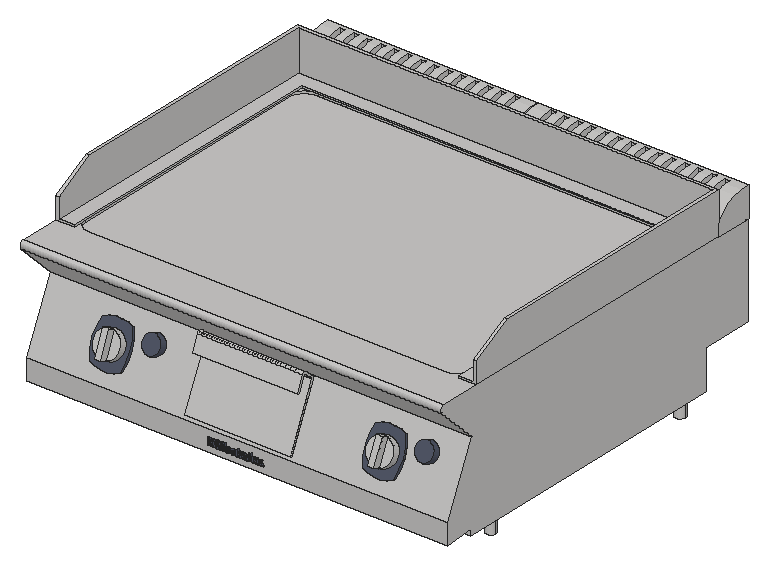
Revit family "QF_ELECTROLUXPROFESSIONAL_Professional_371330_E7IIKAAOMEA", category Specialty Equipment, Revit 2018
Family settings
  Round Connector Dimension = Use Diameter
  Part Type = Normal
  Work Plane-Based = No
  Always vertical = Yes
  Cut with Voids When Loaded = No
  Shared = No
  Room Calculation Point = No
Parameters
  Width = 800.1 mm  # constant formula
  Weight in Pounds = 198  # constant formula
  Watts = 0 W
  URL Cutsheet = "www.electrolux.com/foodservice"
  URL = "www.electrolux.com/foodservice"
  Type Mark [instance] = ""
  Status [instance] = ""
  Specification by User [instance] = ""
  Specification by Manufacturer = ""
  Show Logo [instance] = yes
  Show Clearance [instance] = yes
  Serial Number = ""
  Seismic Rating = ""
  SMACNA No = ""
  Revision Code [instance] = ""
  Omniclass Number and Title = ""
  NAFEM Spec ID Number = ""
  Model = "371031"
  Mechanical Remarks = ""
  Mechanical Connection Type = ""
  Masterspec = ""
  Manufacturer = "ELECTROLUX"
  Item Number [instance] = ""
  Installed By [instance] = ""
  Identify Quantity as Lot [instance] = yes
  Height = 355 mm  # constant formula
  HP = "0 HP"
  Gas Size = 12.7 mm  # 1/2"
  Gas RI Height [instance] = 0 mm
  Gas KW = 14  # constant formula
  Gas Input [instance] = 13987.1 VA  # 47726.0 Btu/h
  Gas Connection Height = 0 mm
  Furnished By [instance] = ""
  Foodservice Equipment Identifier [instance] = yes
  Direct Waste Size = 0"
  Description = "700XP Full Module Gas Fry Top, Smotth Plate, Mild Steel"
  Depth = 730.25 mm  # constant formula
  CSI MasterFormat = ""
  CSI Master Format = ""
  Base Height [instance] = 23.813 mm  # constant formula
  Assembly Code = ""
Reference planes
  plane 1 "BACK": y = 0
  plane 2: z = 0
  plane 3 "LEFT": x = 0
  plane 4 "RIGHT": x = 800.1
  plane 5 "FRONT": y = -730.25
  plane 6 "TOP": z = 288.925
  plane 7 "Center Y": x = 400.05
  plane 8 "Center X": y = -365.125
  plane 9 "BASE": z = 23.813
  plane 10 "TOP A": z = 274.638
  plane 11: y = -597.884
  plane 12: y = -147.637
  plane 13: z = 355
Forms (mm)
  Extrusion 1, solid, material "QF_Finishes_Stainless Steel"
    sketch origin (0, 0, 0) x (0, 1, 0) y (0, 0, 1)
      loop
        line (0, 274.638) -> (-722.777, 274.638)
        arc (-722.777, 274.638) -> (-729.6, 270.078) -> (-727.999, 262.03) r 7.386
        line (-727.999, 262.03) -> (-657.416, 191.447) -> (-713.772, 69.003) -> (-713.772, 30.903) -> (-660.4, 36.513) -> (-660.4, 23.812) -> (-101.6, 23.812) -> (-101.6, 98.425) -> (0, 98.425) -> (0, 274.638)
    from 0 to 800.1
  Extrusion 2, void
    sketch origin (0, -2.381, 274.638) x (-1, 0, 0) y (0, -1, 0)
      loop
        arc (-60.425, 102.504) -> (-42.464, 109.943) -> (-35.025, 127.904) r 25.4
        line (-35.025, 127.904) -> (-35.025, 617.104)
        arc (-35.025, 617.104) -> (-42.464, 635.064) -> (-60.425, 642.504) r 25.4
        line (-60.425, 642.504) -> (-739.675, 642.504)
        arc (-739.675, 642.504) -> (-757.636, 635.064) -> (-765.075, 617.104) r 25.4
        line (-765.075, 617.104) -> (-765.075, 127.904)
        arc (-765.075, 127.904) -> (-757.636, 109.943) -> (-739.675, 102.504) r 25.4
        line (-739.675, 102.504) -> (-60.425, 102.504)
    from 0 to -3.2
  Extrusion 3, solid, material "QF_Finishes_Stainless Steel"
    sketch origin (0, 0, 0) x (1, 0, 0) y (0, 1, 0)
      loop
        circle (11.112, -147.638) r 9.525
      loop
        circle (11.112, -597.884) r 9.525
      loop
        circle (788.987, -147.638) r 9.525
      loop
        circle (788.987, -597.884) r 9.525
    from 0 to 23.813
  Extrusion 4, solid, material "QF_Finishes_Stainless Steel"
    sketch origin (0, -101.6, 101.6) x (0, 0, -1) y (-1, 0, 0)
      loop
        circle (43.882, -749.3) r 6.35
    from 0 to 3.175
  Extrusion 5, solid, material "QF_Finishes_Clearance", visible <- "Show Clearance", detail levels coarse
    sketch origin (0, 0, 0) x (1, 0, 0) y (0, 1, 0)
      loop
        line (0, -730.25) -> (0, 0) -> (800.1, 0) -> (800.1, -730.25) -> (950.119, -730.25) -> (950.119, 150.019) -> (-150.019, 150.019) -> (-150.019, -730.25) -> (0, -730.25)
    from 0 to 355
  Sweep 6, solid, material "QF_Finishes_Stainless Steel"
    path origin (0, -2.381, 274.638) x (-1, 0, 0) y (0, -1, 0)
      loop
        line (-765.075, 642.504) -> (-765.075, 102.504) -> (-35.025, 102.504) -> (-35.025, 642.504)
    profile origin (35.025, -374.885, 274.638) x (1, 0, 0) y (0, 0, 1)
      loop
        line (-35.025, 0) -> (0, 0) -> (0, 3.175) -> (-28.675, 3.175) -> (-28.675, 80.363) -> (-35.025, 80.362) -> (-35.025, 0)
  Extrusion 7, void
    sketch origin (0, -69.86, 274.638) x (0, 1, 0) y (0, 0, 1)
      loop
        line (-575.025, 40.481) -> (-501.995, 80.363) -> (-575.025, 80.363) -> (-575.025, 40.481)
    from 0 to 6.35
  Extrusion 8, void
    sketch origin (800.1, -644.885, 274.638) x (0, -1, 0) y (0, 0, 1)
      loop
        line (0, 40.481) -> (0, 80.362) -> (-73.03, 80.362) -> (0, 40.481)
    from 0 to 6.35
  Extrusion 9, solid, material "QF_Finishes_Stainless Steel"
    sketch origin (400.05, 175.397, 1219.2) x (0, 1, 0) y (0, 0, 1)
      loop
        line (-834.228, -1030.828) -> (-850.635, -1014.422)
        arc (-850.635, -1014.422) -> (-855.102, -1013.019) -> (-858.806, -1015.884) r 5.058
        line (-858.806, -1015.884) -> (-871.468, -1043.394) -> (-868.584, -1044.721) -> (-855.922, -1017.211)
        arc (-855.922, -1017.211) -> (-854.543, -1016.145) -> (-852.88, -1016.667) r 1.883
        line (-852.88, -1016.667) -> (-838.037, -1031.51) -> (-888.871, -1141.955) -> (-885.987, -1143.282) -> (-834.228, -1030.828)
    from 100 to -100
  Extrusion 10, solid, material "QF_Finishes_Drawer Clearance", visible <- "Show Clearance", detail levels coarse
    sketch origin (293.7, -101.6, 0) x (0, 1, 0) y (0, 0, 1)
      loop
        line (-660.751, 174.479) -> (-648.089, 201.989)
        arc (-648.089, 201.989) -> (-646.71, 203.055) -> (-645.046, 202.533) r 1.883
        line (-645.046, 202.533) -> (-630.204, 187.69) -> (-681.037, 77.245) -> (-678.153, 75.918) -> (-608.989, 75.918) -> (-557.231, 188.372) -> (-573.638, 204.778)
        arc (-573.638, 204.778) -> (-574.873, 205.685) -> (-576.323, 206.181) r 5.058
        line (-576.323, 206.181) -> (-647.269, 206.181)
        arc (-647.269, 206.181) -> (-649.472, 205.203) -> (-650.973, 203.316) r 5.058
        line (-650.973, 203.316) -> (-663.635, 175.806) -> (-660.751, 174.479)
    from 6.35 to 206.35
  Extrusion 11, solid, material "QF_Finishes_Navy Blue"
    sketch origin (-399.27, -713.772, 69.003) x (0, 0.418102, 0.9084) y (-1, 0, 0)
      loop
        arc (102.623, -510.47) -> (67.041, -502.846) -> (31.333, -509.853) r 90.5
        arc (31.333, -509.853) -> (24.507, -539.04) -> (31.333, -568.228) r 65.817
        arc (31.333, -568.228) -> (67.04, -575.188) -> (102.623, -567.615) r 91.066
        arc (102.623, -567.615) -> (109.179, -539.043) -> (102.623, -510.47) r 65.546
    from 0 to 3.175
  Extrusion 12, solid, material "QF_Finishes_Stainless Steel"
    sketch origin (-20.52, -717.485, 68.529) x (0, 0.418102, 0.9084) y (-1, 0, 0)
      loop
        circle (68.826, -160.963) r 25.4
    from 0 to 12.7
  Extrusion 13, solid, material "QF_Finishes_Stainless Steel"
    sketch origin (-20.52, -729.022, 73.839) x (0, 0.418102, 0.9084) y (-1, 0, 0)
      loop
        arc (93.558, -166.749) -> (94.226, -160.963) -> (93.558, -155.177) r 25.4
        line (93.558, -155.177) -> (44.094, -155.177)
        arc (44.094, -155.177) -> (43.426, -160.963) -> (44.094, -166.749) r 25.4
        line (44.094, -166.749) -> (93.558, -166.749)
    from 0 to 12.7
  Extrusion 14, solid, material "QF_Finishes_Navy Blue"
    sketch origin (97.744, -713.772, 69.003) x (0, 0.418102, 0.9084) y (-1, 0, 0)
      loop
        arc (102.623, -532.67) -> (67.041, -525.046) -> (31.333, -532.053) r 90.5
        arc (31.333, -532.053) -> (24.507, -561.24) -> (31.333, -590.428) r 65.817
        arc (31.333, -590.428) -> (67.04, -597.388) -> (102.623, -589.815) r 91.066
        arc (102.623, -589.815) -> (109.179, -561.243) -> (102.623, -532.67) r 65.546
    from 0 to 3.175
  Extrusion 15, solid, material "QF_Finishes_Stainless Steel"
    sketch origin (498.994, -717.485, 68.529) x (0, 0.418102, 0.9084) y (-1, 0, 0)
      loop
        circle (68.826, -160.963) r 25.4
    from 0 to 12.7
  Extrusion 16, solid, material "QF_Finishes_Stainless Steel"
    sketch origin (498.994, -729.022, 73.839) x (0, 0.418102, 0.9084) y (-1, 0, 0)
      loop
        arc (93.558, -166.749) -> (94.226, -160.963) -> (93.558, -155.177) r 25.4
        line (93.558, -155.177) -> (44.094, -155.177)
        arc (44.094, -155.177) -> (43.426, -160.963) -> (44.094, -166.749) r 25.4
        line (44.094, -166.749) -> (93.558, -166.749)
    from 0 to 12.7
  Extrusion 17, solid, material "QF_Finishes_Navy Blue"
    sketch origin (-100, -703.319, 91.713) x (0, 0.418102, 0.9084) y (-1, 0, 0)
      loop
        circle (65.471, -315.169) r 17.78
    from 0 to 12.7
  Extrusion 18, solid, material "QF_Finishes_Navy Blue"
    sketch origin (397.014, -703.319, 91.713) x (0, 0.418102, 0.9084) y (-1, 0, 0)
      loop
        circle (65.471, -337.369) r 17.78
    from 0 to 12.7
  Extrusion 19, solid, material "QF_Finishes_Stainless Steel"
    sketch origin (0, 0, 0) x (0, 1, 0) y (0, 0, 1)
      loop
        line (0, 274.638) -> (0, 331.738)
        arc (0, 331.738) -> (-38.857, 324.552) -> (-69.85, 300.038) r 82.056
        line (-69.85, 300.038) -> (-69.85, 274.638) -> (0, 274.638)
    from 0 to 400.05
  Extrusion 20, void
    sketch origin (0, 0, 274.638) x (0, -1, 0) y (1, 0, 0)
      loop
        line (6.761, 29.703) -> (63.911, 29.703) -> (63.911, 38.999) -> (6.761, 38.999) -> (6.761, 29.703)
      loop
        line (63.911, 64.487) -> (6.761, 64.487) -> (6.761, 55.191) -> (63.911, 55.191) -> (63.911, 64.487)
      loop
        line (63.911, 89.975) -> (6.761, 89.975) -> (6.761, 80.68) -> (63.911, 80.68) -> (63.911, 89.975)
      loop
        line (63.911, 115.464) -> (6.761, 115.464) -> (6.761, 106.168) -> (63.911, 106.168) -> (63.911, 115.464)
      loop
        line (63.911, 140.952) -> (6.761, 140.952) -> (6.761, 131.656) -> (63.911, 131.656) -> (63.911, 140.952)
      loop
        line (63.911, 166.44) -> (6.761, 166.44) -> (6.761, 157.145) -> (63.911, 157.145) -> (63.911, 166.44)
      loop
        line (63.911, 191.929) -> (6.761, 191.929) -> (6.761, 182.633) -> (63.911, 182.633) -> (63.911, 191.929)
      loop
        line (63.911, 217.417) -> (6.761, 217.417) -> (6.761, 208.121) -> (63.911, 208.121) -> (63.911, 217.417)
      loop
        line (63.911, 242.905) -> (6.761, 242.905) -> (6.761, 233.61) -> (63.911, 233.61) -> (63.911, 242.905)
      loop
        line (63.911, 268.394) -> (6.761, 268.394) -> (6.761, 259.098) -> (63.911, 259.098) -> (63.911, 268.394)
      loop
        line (63.911, 293.882) -> (6.761, 293.882) -> (6.761, 284.586) -> (63.911, 284.586) -> (63.911, 293.882)
      loop
        line (63.911, 319.37) -> (6.761, 319.37) -> (6.761, 310.075) -> (63.911, 310.075) -> (63.911, 319.37)
      loop
        line (63.911, 344.859) -> (6.761, 344.859) -> (6.761, 335.563) -> (63.911, 335.563) -> (63.911, 344.859)
      loop
        line (63.911, 370.347) -> (6.761, 370.347) -> (6.761, 361.051) -> (63.911, 361.051) -> (63.911, 370.347)
    from 25.4 to 63.5
  Extrusion 21, solid, material "QF_Finishes_Stainless Steel"
    sketch origin (400.05, 0, 0) x (0, 1, 0) y (0, 0, 1)
      loop
        line (0, 274.638) -> (0, 331.738)
        arc (0, 331.738) -> (-38.857, 324.552) -> (-69.85, 300.038) r 82.056
        line (-69.85, 300.038) -> (-69.85, 274.638) -> (0, 274.638)
    from 0 to 400.05
  Extrusion 22, void
    sketch origin (400.05, 0, 274.638) x (0, -1, 0) y (1, 0, 0)
      loop
        line (6.761, 29.703) -> (63.911, 29.703) -> (63.911, 38.999) -> (6.761, 38.999) -> (6.761, 29.703)
      loop
        line (63.911, 64.487) -> (6.761, 64.487) -> (6.761, 55.191) -> (63.911, 55.191) -> (63.911, 64.487)
      loop
        line (63.911, 89.975) -> (6.761, 89.975) -> (6.761, 80.68) -> (63.911, 80.68) -> (63.911, 89.975)
      loop
        line (63.911, 115.464) -> (6.761, 115.464) -> (6.761, 106.168) -> (63.911, 106.168) -> (63.911, 115.464)
      loop
        line (63.911, 140.952) -> (6.761, 140.952) -> (6.761, 131.656) -> (63.911, 131.656) -> (63.911, 140.952)
      loop
        line (63.911, 166.44) -> (6.761, 166.44) -> (6.761, 157.145) -> (63.911, 157.145) -> (63.911, 166.44)
      loop
        line (63.911, 191.929) -> (6.761, 191.929) -> (6.761, 182.633) -> (63.911, 182.633) -> (63.911, 191.929)
      loop
        line (63.911, 217.417) -> (6.761, 217.417) -> (6.761, 208.121) -> (63.911, 208.121) -> (63.911, 217.417)
      loop
        line (63.911, 242.905) -> (6.761, 242.905) -> (6.761, 233.61) -> (63.911, 233.61) -> (63.911, 242.905)
      loop
        line (63.911, 268.394) -> (6.761, 268.394) -> (6.761, 259.098) -> (63.911, 259.098) -> (63.911, 268.394)
      loop
        line (63.911, 293.882) -> (6.761, 293.882) -> (6.761, 284.586) -> (63.911, 284.586) -> (63.911, 293.882)
      loop
        line (63.911, 319.37) -> (6.761, 319.37) -> (6.761, 310.075) -> (63.911, 310.075) -> (63.911, 319.37)
      loop
        line (63.911, 344.859) -> (6.761, 344.859) -> (6.761, 335.563) -> (63.911, 335.563) -> (63.911, 344.859)
      loop
        line (63.911, 370.347) -> (6.761, 370.347) -> (6.761, 361.051) -> (63.911, 361.051) -> (63.911, 370.347)
    from 25.4 to 63.5
  Extrusion 23, solid, material "QF_Finishes_Navy Blue", visible <- "Show Logo"
    sketch origin (57.669, -713.772, 35.665) x (0, 0, 1) y (-1, 0, 0)
      loop
        line (20.674, -296.698) -> (8.307, -296.698)
        arc (8.307, -296.698) -> (14.491, -301.27) -> (20.674, -296.698) r 6.467
      loop
        arc (20.674, -296.069) -> (19.505, -290.926) -> (14.849, -288.448) r 6.338
        line (14.849, -288.448) -> (14.849, -290.494)
        arc (14.849, -290.494) -> (16.333, -294.149) -> (19.778, -296.069) r 5.941
        line (19.778, -296.069) -> (20.674, -296.069)
      loop
        arc (9.203, -296.069) -> (12.648, -294.149) -> (14.132, -290.494) r 5.941
        line (14.132, -290.494) -> (14.132, -288.448)
        arc (14.132, -288.448) -> (9.438, -290.922) -> (8.148, -296.069) r 6.504
        line (8.148, -296.069) -> (9.203, -296.069)
      loop
        line (21.349, -287.979) -> (7.604, -287.979) -> (7.604, -301.742) -> (21.349, -301.742) -> (21.349, -287.979)
      loop
        arc (21.432, -304.71) -> (21.085, -304.352) -> (20.718, -304.69) r 0.358
        arc (20.718, -304.69) -> (20.404, -305.44) -> (19.687, -305.825) r 1.216
        line (19.687, -305.825) -> (9.274, -305.825)
        arc (9.274, -305.825) -> (8.614, -305.548) -> (8.218, -304.951) r 1.238
        arc (8.218, -304.951) -> (7.823, -304.7) -> (7.518, -305.054) r 0.358
        line (7.518, -305.054) -> (7.518, -314.933) -> (10.269, -314.933) -> (10.269, -314.036)
        arc (10.269, -314.036) -> (9.36, -313.456) -> (8.904, -312.479) r 1.928
        line (8.904, -312.479) -> (8.904, -309.98)
        arc (8.904, -309.98) -> (9.18, -309.251) -> (9.868, -308.887) r 1.101
        line (9.868, -308.887) -> (13.955, -308.887) -> (13.955, -312.561)
        arc (13.955, -312.561) -> (13.602, -313.058) -> (13.037, -313.286) r 1.083
        arc (13.037, -313.286) -> (12.773, -313.591) -> (13.065, -313.869) r 0.292
        line (13.065, -313.869) -> (16.028, -313.869)
        arc (16.028, -313.869) -> (16.33, -313.596) -> (16.092, -313.266) r 0.305
        arc (16.092, -313.266) -> (15.601, -313.018) -> (15.296, -312.561) r 1.083
        line (15.296, -312.561) -> (15.296, -308.887) -> (19.973, -308.887) -> (19.973, -312.635)
        arc (19.973, -312.635) -> (19.759, -313.39) -> (19.153, -313.888) r 1.314
        arc (19.153, -313.888) -> (18.934, -314.292) -> (19.288, -314.585) r 0.361
        line (19.288, -314.585) -> (21.432, -314.585) -> (21.432, -304.71)
      loop
        arc (20.715, -315.365) -> (20.335, -316.284) -> (19.416, -316.664) r 1.299
        line (19.416, -316.664) -> (9.837, -316.664)
        arc (9.837, -316.664) -> (8.999, -316.286) -> (8.728, -315.408) r 1.118
        line (8.728, -315.408) -> (7.518, -315.408) -> (7.518, -320.758) -> (8.706, -320.758)
        arc (8.706, -320.758) -> (8.978, -319.841) -> (9.848, -319.445) r 1.153
        line (9.848, -319.445) -> (21.92, -319.445) -> (20.715, -315.365)
      loop
        line (12.483, -323.394) -> (12.483, -329.842) -> (13.282, -329.842)
        arc (13.282, -329.842) -> (15.862, -328.857) -> (17.131, -326.404) r 3.874
        line (17.131, -326.404) -> (17.131, -324.643)
        arc (17.131, -324.643) -> (15.944, -321.778) -> (13.08, -320.592) r 4.051
        line (13.08, -320.592) -> (11.072, -320.592)
        arc (11.072, -320.592) -> (8.253, -322.077) -> (7.202, -325.084) r 4.352
        arc (7.202, -325.084) -> (7.566, -327.547) -> (8.943, -329.621) r 5.713
        line (8.943, -329.621) -> (9.892, -329.621)
        arc (9.892, -329.621) -> (9.16, -328.052) -> (8.943, -326.334) r 5.579
        arc (8.943, -326.334) -> (9.737, -324.371) -> (11.616, -323.394) r 3.057
        line (11.616, -323.394) -> (12.483, -323.394)
      loop
        line (13.742, -323.394) -> (13.742, -326.977)
        arc (13.742, -326.977) -> (15.199, -327.024) -> (16.082, -325.864) r 1.59
        line (16.082, -325.864) -> (16.082, -325.034)
        arc (16.082, -325.034) -> (15.217, -323.779) -> (13.742, -323.394) r 2.184
      loop
        arc (16.533, -339.259) -> (17.022, -337.585) -> (17.179, -335.848) r 9.023
        line (17.179, -335.848) -> (17.179, -334.486)
        arc (17.179, -334.486) -> (16.02, -331.686) -> (13.22, -330.527) r 3.959
        line (13.22, -330.527) -> (10.62, -330.527)
        arc (10.62, -330.527) -> (8.338, -331.819) -> (7.221, -334.192) r 4.331
        line (7.221, -334.192) -> (7.221, -336.327)
        arc (7.221, -336.327) -> (7.729, -337.877) -> (8.651, -339.223) r 5.772
        arc (8.651, -339.223) -> (9.412, -339.274) -> (9.499, -338.515) r 0.553
        arc (9.499, -338.515) -> (9.111, -337.781) -> (8.977, -336.962) r 2.573
        line (8.977, -336.962) -> (8.977, -335.447)
        arc (8.977, -335.447) -> (9.983, -333.806) -> (11.798, -333.163) r 2.884
        line (11.798, -333.163) -> (13.077, -333.163)
        arc (13.077, -333.163) -> (14.898, -333.723) -> (15.824, -335.388) r 2.554
        line (15.824, -335.388) -> (15.824, -336.441)
        arc (15.824, -336.441) -> (15.493, -337.369) -> (14.836, -338.104) r 2.564
        arc (14.836, -338.104) -> (14.614, -338.821) -> (15.223, -339.259) r 0.643
        line (15.223, -339.259) -> (16.533, -339.259)
      loop
        line (15.515, -339.53) -> (15.515, -341.031) -> (9.467, -341.031)
        arc (9.467, -341.031) -> (7.879, -341.688) -> (7.221, -343.276) r 2.246
        line (7.221, -343.276) -> (7.221, -344.86)
        arc (7.221, -344.86) -> (7.535, -345.725) -> (8.035, -346.496) r 4.06
        arc (8.035, -346.496) -> (8.768, -346.629) -> (9.019, -345.928) r 0.576
        arc (9.019, -345.928) -> (8.913, -345.403) -> (8.977, -344.87) r 1.69
        arc (8.977, -344.87) -> (9.519, -344.082) -> (10.425, -343.779) r 1.506
        line (10.425, -343.779) -> (15.563, -343.779) -> (15.563, -346.176) -> (16.119, -346.733) -> (16.941, -346.733) -> (16.941, -343.873) -> (20.172, -343.873) -> (15.515, -339.53)
      loop
        line (7.438, -347.63) -> (7.438, -353.017) -> (8.548, -353.017)
        arc (8.548, -353.017) -> (8.942, -352.066) -> (9.893, -351.672) r 1.345
        line (9.893, -351.672) -> (13.509, -351.672)
        arc (13.509, -351.672) -> (14.274, -352.264) -> (14.564, -353.186) r 1.615
        line (14.564, -353.186) -> (14.564, -354.742) -> (17.119, -355.427) -> (17.119, -354.044) -> (15.177, -351.485) -> (17.057, -351.485) -> (16.773, -348.779)
        arc (16.773, -348.779) -> (16.333, -348.249) -> (15.674, -348.45) r 0.621
        arc (15.674, -348.45) -> (15.274, -348.792) -> (14.78, -348.975) r 1.501
        line (14.78, -348.975) -> (9.893, -348.975)
        arc (9.893, -348.975) -> (8.942, -348.581) -> (8.548, -347.63) r 1.345
        line (8.548, -347.63) -> (7.438, -347.63)
      loop
        line (13.54, -354.964) -> (10.848, -354.964)
        arc (10.848, -354.964) -> (8.403, -356.272) -> (7.269, -358.803) r 4.288
        arc (7.269, -358.803) -> (7.205, -360.183) -> (7.269, -361.563) r 15.022
        arc (7.269, -361.563) -> (8.403, -364.094) -> (10.848, -365.401) r 4.288
        line (10.848, -365.401) -> (13.54, -365.401)
        arc (13.54, -365.401) -> (15.986, -364.094) -> (17.119, -361.563) r 4.288
        arc (17.119, -361.563) -> (17.183, -360.183) -> (17.119, -358.803) r 15.022
        arc (17.119, -358.803) -> (15.986, -356.272) -> (13.54, -354.964) r 4.288
      loop
        line (13.745, -358.078) -> (10.643, -358.078)
        arc (10.643, -358.078) -> (8.486, -360.235) -> (10.643, -362.392) r 2.157
        line (10.643, -362.392) -> (13.745, -362.392)
        arc (13.745, -362.392) -> (15.902, -360.235) -> (13.745, -358.078) r 2.157
      loop
        arc (20.726, -365.26) -> (20.355, -366.154) -> (19.461, -366.524) r 1.264
        line (19.461, -366.524) -> (9.597, -366.524)
        arc (9.597, -366.524) -> (8.727, -366.127) -> (8.455, -365.211) r 1.153
        line (8.455, -365.211) -> (7.518, -365.211) -> (7.518, -370.319) -> (8.446, -370.319)
        arc (8.446, -370.319) -> (8.805, -369.547) -> (9.597, -369.232) r 1.153
        line (9.597, -369.232) -> (21.92, -369.232) -> (20.726, -365.26)
      loop
        arc (15.846, -369.857) -> (15.647, -370.921) -> (14.678, -371.403) r 1.215
        line (14.678, -371.403) -> (9.658, -371.403)
        arc (9.658, -371.403) -> (8.043, -372.051) -> (7.322, -373.634) r 2.338
        line (7.322, -373.634) -> (7.322, -375.148)
        arc (7.322, -375.148) -> (7.497, -376.152) -> (7.999, -377.038) r 2.979
        line (7.999, -377.038) -> (7.518, -378.835) -> (7.518, -380.524) -> (16.943, -380.524) -> (16.649, -376.32) -> (15.863, -376.32)
        arc (15.863, -376.32) -> (15.507, -377.156) -> (14.755, -377.665) r 1.605
        line (14.755, -377.665) -> (9.652, -377.665)
        arc (9.652, -377.665) -> (9.232, -376.728) -> (9.159, -375.704) r 2.94
        arc (9.159, -375.704) -> (9.72, -374.603) -> (10.873, -374.16) r 1.724
        line (10.873, -374.16) -> (17.07, -374.16) -> (15.846, -369.857)
      loop
        line (16.874, -381.377) -> (15.202, -383.423) -> (12.028, -385.729) -> (8.572, -382.617)
        arc (8.572, -382.617) -> (8.335, -382.223) -> (8.357, -381.764) r 0.789
        line (8.357, -381.764) -> (7.518, -381.764) -> (7.518, -385.309) -> (8.344, -385.309)
        arc (8.344, -385.309) -> (8.686, -384.947) -> (9.176, -385.039) r 0.52
        line (9.176, -385.039) -> (10.976, -386.51) -> (8.858, -387.886)
        arc (8.858, -387.886) -> (8.457, -387.576) -> (8.37, -387.076) r 0.7
        line (8.37, -387.076) -> (7.518, -387.076) -> (7.518, -393.003) -> (8.405, -393.003)
        arc (8.405, -393.003) -> (8.472, -392.344) -> (8.866, -391.813) r 1.247
        line (8.866, -391.813) -> (13.066, -388.532) -> (15.513, -390.585) -> (16.874, -392.327) -> (16.874, -388.604) -> (15.389, -389.026) -> (13.868, -387.749) -> (15.568, -386.559) -> (16.874, -387.336) -> (16.874, -381.377)
    from 0 to 1.644
Cuts and joins
  Extrusion 2 cuts Extrusion 1
  Extrusion 7, Extrusion 8 cuts Sweep 6
  Extrusion 20 cuts Extrusion 19
  Extrusion 22 cuts Extrusion 21
Lines and regions (mm)
  symbolic lines, style "QF-Clearances", visible <- "Show Clearance", detail levels coarse
    curve 1: line (-150.019, 150.019, 274.638) -> (-150.019, -730.25, 274.638)
    curve 2: line (950.119, 150.019, 274.638) -> (-150.019, 150.019, 274.638)
    curve 3: line (950.119, -731.627, 274.638) -> (950.119, 150.019, 274.638)
  symbolic lines
    curve 4: line (0, 0, 274.638) -> (800.1, 0, 274.638)
    curve 5: line (0, -730.25, 274.638) -> (0, 0, 274.638)
    curve 6: line (800.1, 0, 274.638) -> (800.1, -730.25, 274.638)
    curve 7: line (35.025, -104.885, 274.638) -> (35.025, -644.885, 274.638)
    curve 8: arc (35.025, -619.485, 274.638) -> (42.464, -637.445, 274.638) -> (60.425, -644.885, 274.638) r 25.4
    curve 9: line (0, -644.885, 274.638) -> (35.025, -644.885, 274.638)
    curve 10: arc (739.315, -644.885, 274.638) -> (757.836, -637.213, 274.638) -> (765.507, -618.692, 274.638) r 26.193
    curve 11: line (765.507, -644.885, 274.638) -> (765.507, -104.885, 274.638)
    curve 12: line (765.507, -104.885, 274.638) -> (35.025, -104.885, 274.638)
    curve 13: line (0, -69.85, 274.638) -> (800.1, -69.85, 274.638)
    curve 14: line (800.1, -730.25, 274.638) -> (0, -730.25, 274.638)
    curve 15: arc (64.125, -104.885, 274.638) -> (43.548, -113.408, 274.638) -> (35.025, -133.985, 274.638) r 29.1
    curve 16: arc (739.963, -104.885, 274.638) -> (758.026, -112.367, 274.638) -> (765.507, -130.429, 274.638) r 25.544
    curve 17: line (6.35, -76.21, 274.638) -> (6.35, -644.885, 274.638)
    curve 18: line (6.35, -76.21, 274.638) -> (793.75, -76.21, 274.638)
    curve 19: line (793.75, -76.21, 274.638) -> (793.75, -644.885, 274.638)
    curve 20: line (765.507, -644.885, 274.638) -> (800.1, -644.885, 274.638)
    curve 21: line (60.425, -644.885, 274.638) -> (739.315, -644.885, 274.638)
    curve 25: line (0, 0, 274.638) -> (800.1, 0, 274.638)
    curve 26: line (0, -69.85, 274.638) -> (800.1, -69.85, 274.638)
    curve 27: line (29.703, -6.761, 0) -> (38.999, -6.761, 0)
    curve 28: line (29.703, -63.911, 0) -> (29.703, -6.761, 0)
    curve 29: line (38.999, -63.911, 0) -> (29.703, -63.911, 0)
    curve 30: line (38.999, -6.761, 0) -> (38.999, -63.911, 0)
    curve 31: line (55.191, -6.761, 0) -> (64.487, -6.761, 0)
    curve 32: line (55.191, -63.911, 0) -> (55.191, -6.761, 0)
    curve 33: line (64.487, -63.911, 0) -> (55.191, -63.911, 0)
    curve 34: line (64.487, -6.761, 0) -> (64.487, -63.911, 0)
    curve 35: line (80.68, -6.761, 0) -> (89.975, -6.761, 0)
    curve 36: line (80.68, -63.911, 0) -> (80.68, -6.761, 0)
    curve 37: line (89.975, -63.911, 0) -> (80.68, -63.911, 0)
    curve 38: line (89.975, -6.761, 0) -> (89.975, -63.911, 0)
    curve 39: line (106.168, -6.761, 0) -> (115.464, -6.761, 0)
    curve 40: line (106.168, -63.911, 0) -> (106.168, -6.761, 0)
    curve 41: line (115.464, -63.911, 0) -> (106.168, -63.911, 0)
    curve 42: line (115.464, -6.761, 0) -> (115.464, -63.911, 0)
    curve 43: line (131.656, -6.761, 0) -> (140.952, -6.761, 0)
    curve 44: line (131.656, -63.911, 0) -> (131.656, -6.761, 0)
    curve 45: line (140.952, -63.911, 0) -> (131.656, -63.911, 0)
    curve 46: line (140.952, -6.761, 0) -> (140.952, -63.911, 0)
    curve 47: line (157.145, -6.761, 0) -> (166.44, -6.761, 0)
    curve 48: line (157.145, -63.911, 0) -> (157.145, -6.761, 0)
    curve 49: line (166.44, -63.911, 0) -> (157.145, -63.911, 0)
    curve 50: line (166.44, -6.761, 0) -> (166.44, -63.911, 0)
    curve 51: line (182.633, -6.761, 0) -> (191.929, -6.761, 0)
    curve 52: line (182.633, -63.911, 0) -> (182.633, -6.761, 0)
    curve 53: line (191.929, -63.911, 0) -> (182.633, -63.911, 0)
    curve 54: line (191.929, -6.761, 0) -> (191.929, -63.911, 0)
    curve 55: line (208.121, -6.761, 0) -> (217.417, -6.761, 0)
    curve 56: line (208.121, -63.911, 0) -> (208.121, -6.761, 0)
    curve 57: line (217.417, -63.911, 0) -> (208.121, -63.911, 0)
    curve 58: line (217.417, -6.761, 0) -> (217.417, -63.911, 0)
    curve 59: line (233.61, -6.761, 0) -> (242.905, -6.761, 0)
    curve 60: line (233.61, -63.911, 0) -> (233.61, -6.761, 0)
    curve 61: line (242.905, -63.911, 0) -> (233.61, -63.911, 0)
    curve 62: line (242.905, -6.761, 0) -> (242.905, -63.911, 0)
    curve 63: line (259.098, -6.761, 0) -> (268.394, -6.761, 0)
    curve 64: line (259.098, -63.911, 0) -> (259.098, -6.761, 0)
    curve 65: line (268.394, -63.911, 0) -> (259.098, -63.911, 0)
    curve 66: line (268.394, -6.761, 0) -> (268.394, -63.911, 0)
    curve 67: line (284.586, -6.761, 0) -> (293.882, -6.761, 0)
    curve 68: line (284.586, -63.911, 0) -> (284.586, -6.761, 0)
    curve 69: line (293.882, -63.911, 0) -> (284.586, -63.911, 0)
    curve 70: line (293.882, -6.761, 0) -> (293.882, -63.911, 0)
    curve 71: line (310.075, -6.761, 0) -> (319.37, -6.761, 0)
    curve 72: line (310.075, -63.911, 0) -> (310.075, -6.761, 0)
    curve 73: line (319.37, -63.911, 0) -> (310.075, -63.911, 0)
    curve 74: line (319.37, -6.761, 0) -> (319.37, -63.911, 0)
    curve 75: line (335.563, -6.761, 0) -> (344.859, -6.761, 0)
    curve 76: line (335.563, -63.911, 0) -> (335.563, -6.761, 0)
    curve 77: line (344.859, -63.911, 0) -> (335.563, -63.911, 0)
    curve 78: line (344.859, -6.761, 0) -> (344.859, -63.911, 0)
    curve 79: line (361.051, -6.761, 0) -> (370.347, -6.761, 0)
    curve 80: line (361.051, -63.911, 0) -> (361.051, -6.761, 0)
    curve 81: line (370.347, -63.911, 0) -> (361.051, -63.911, 0)
    curve 82: line (370.347, -6.761, 0) -> (370.347, -63.911, 0)
    curve 83: line (400.05, 0, 0) -> (400.05, -69.85, 0)
    curve 84: line (770.397, -6.761, 0) -> (761.101, -6.761, 0)
    curve 85: line (770.397, -63.911, 0) -> (770.397, -6.761, 0)
    curve 86: line (761.101, -63.911, 0) -> (770.397, -63.911, 0)
    curve 87: line (761.101, -6.761, 0) -> (761.101, -63.911, 0)
    curve 88: line (744.909, -6.761, 0) -> (735.613, -6.761, 0)
    curve 89: line (744.909, -63.911, 0) -> (744.909, -6.761, 0)
    curve 90: line (735.613, -63.911, 0) -> (744.909, -63.911, 0)
    curve 91: line (735.613, -6.761, 0) -> (735.613, -63.911, 0)
    curve 92: line (719.42, -6.761, 0) -> (710.125, -6.761, 0)
    curve 93: line (719.42, -63.911, 0) -> (719.42, -6.761, 0)
    curve 94: line (710.125, -63.911, 0) -> (719.42, -63.911, 0)
    curve 95: line (710.125, -6.761, 0) -> (710.125, -63.911, 0)
    curve 96: line (693.932, -6.761, 0) -> (684.636, -6.761, 0)
    curve 97: line (693.932, -63.911, 0) -> (693.932, -6.761, 0)
    curve 98: line (684.636, -63.911, 0) -> (693.932, -63.911, 0)
    curve 99: line (684.636, -6.761, 0) -> (684.636, -63.911, 0)
    curve 100: line (668.444, -6.761, 0) -> (659.148, -6.761, 0)
    curve 101: line (668.444, -63.911, 0) -> (668.444, -6.761, 0)
    curve 102: line (659.148, -63.911, 0) -> (668.444, -63.911, 0)
    curve 103: line (659.148, -6.761, 0) -> (659.148, -63.911, 0)
    curve 104: line (642.955, -6.761, 0) -> (633.66, -6.761, 0)
    curve 105: line (642.955, -63.911, 0) -> (642.955, -6.761, 0)
    curve 106: line (633.66, -63.911, 0) -> (642.955, -63.911, 0)
    curve 107: line (633.66, -6.761, 0) -> (633.66, -63.911, 0)
    curve 108: line (617.467, -6.761, 0) -> (608.171, -6.761, 0)
    curve 109: line (617.467, -63.911, 0) -> (617.467, -6.761, 0)
    curve 110: line (608.171, -63.911, 0) -> (617.467, -63.911, 0)
    curve 111: line (608.171, -6.761, 0) -> (608.171, -63.911, 0)
    curve 112: line (591.979, -6.761, 0) -> (582.683, -6.761, 0)
    curve 113: line (591.979, -63.911, 0) -> (591.979, -6.761, 0)
    curve 114: line (582.683, -63.911, 0) -> (591.979, -63.911, 0)
    curve 115: line (582.683, -6.761, 0) -> (582.683, -63.911, 0)
    curve 116: line (566.49, -6.761, 0) -> (557.195, -6.761, 0)
    curve 117: line (566.49, -63.911, 0) -> (566.49, -6.761, 0)
    curve 118: line (557.195, -63.911, 0) -> (566.49, -63.911, 0)
    curve 119: line (557.195, -6.761, 0) -> (557.195, -63.911, 0)
    curve 120: line (541.002, -6.761, 0) -> (531.706, -6.761, 0)
    curve 121: line (541.002, -63.911, 0) -> (541.002, -6.761, 0)
    curve 122: line (531.706, -63.911, 0) -> (541.002, -63.911, 0)
    curve 123: line (531.706, -6.761, 0) -> (531.706, -63.911, 0)
    curve 124: line (515.514, -6.761, 0) -> (506.218, -6.761, 0)
    curve 125: line (515.514, -63.911, 0) -> (515.514, -6.761, 0)
    curve 126: line (506.218, -63.911, 0) -> (515.514, -63.911, 0)
    curve 127: line (506.218, -6.761, 0) -> (506.218, -63.911, 0)
    curve 128: line (490.025, -6.761, 0) -> (480.73, -6.761, 0)
    curve 129: line (490.025, -63.911, 0) -> (490.025, -6.761, 0)
    curve 130: line (480.73, -63.911, 0) -> (490.025, -63.911, 0)
    curve 131: line (480.73, -6.761, 0) -> (480.73, -63.911, 0)
    curve 132: line (464.537, -6.761, 0) -> (455.241, -6.761, 0)
    curve 133: line (464.537, -63.911, 0) -> (464.537, -6.761, 0)
    curve 134: line (455.241, -63.911, 0) -> (464.537, -63.911, 0)
    curve 135: line (455.241, -6.761, 0) -> (455.241, -63.911, 0)
    curve 136: line (439.049, -6.761, 0) -> (429.753, -6.761, 0)
    curve 137: line (439.049, -63.911, 0) -> (439.049, -6.761, 0)
    curve 138: line (429.753, -63.911, 0) -> (439.049, -63.911, 0)
    curve 139: line (429.753, -6.761, 0) -> (429.753, -63.911, 0)
  symbolic lines, style "QF_Drawer Clearance"
    curve 22: line (300.05, -782.637, 0) -> (300.05, -730.25, 0)
    curve 23: line (300.05, -782.637, 0) -> (500.05, -782.637, 0)
    curve 24: line (500.05, -782.637, 0) -> (500.05, -730.25, 0)
Dimensions and locks
  equal spacing: plane 3 "LEFT", plane 7 "Center Y", plane 4 "RIGHT"
  "Width": plane 3 "LEFT" to plane 4 "RIGHT"
  equal spacing: plane 5 "FRONT", plane 8 "Center X", plane 1 "BACK"
  "Depth": plane 5 "FRONT" to plane 1 "BACK"
  plane 1 "BACK" to plane 5 "FRONT" = 730.25 mm
  "Base Height": plane 9 "BASE" to level
  locked: plane 10 "TOP A" to plane 9 "BASE" at 250.825
  plane 4 "RIGHT" to Extrusion 4 sketch curve = 50.8 mm
  Sweep 6 sketch curve to level = 355 mm
  plane 10 "TOP A" to plane 9 "BASE" = 250.825 mm
  plane 9 "BASE" to level = 23.813 mm
  plane 9 "BASE" to cut or joined group of Extrusion 1, Extrusion 2 = 74.612 mm
  "Height": plane 13 to level
  aligned and locked: level to plane 2
  aligned and locked: plane 4 "RIGHT" to Extrusion 1
  aligned and locked: Extrusion 3 to plane 9 "BASE"
  aligned: plane 6 "TOP" to Extrusion 5
Automatic sketch dimensions
  Extrusion 2 sketch curve to plane 4 "RIGHT" = 35.025 mm
  Extrusion 2 sketch curve to Extrusion 2 sketch curve = 25.4 mm  (x3)
  Extrusion 2 sketch curve to plane 12 = 17.353 mm
  plane 3 "LEFT" to Extrusion 2 sketch curve = 60.425 mm  (x2)
  plane 11 to Extrusion 2 sketch curve = 21.6 mm
  plane 11 to Extrusion 3 sketch curve = 0 mm  (x2)
  plane 12 to Extrusion 3 sketch curve = 0 mm  (x2)
  plane 3 "LEFT" to Extrusion 3 sketch curve = 11.112 mm  (x2)
  Extrusion 3 sketch curve to plane 4 "RIGHT" = 11.113 mm  (x2)
  Extrusion 1 to Extrusion 4 sketch curve = 33.906 mm
  plane 1 "BACK" to Extrusion 5 sketch curve = 0 mm
  Extrusion 5 sketch curve to plane 3 "LEFT" = 0 mm
  Extrusion 5 sketch curve to plane 4 "RIGHT" = 0 mm
  Extrusion 5 sketch curve to plane 3 "LEFT" = 150.019 mm
  plane 5 "FRONT" to Extrusion 5 sketch curve = 0 mm  (x2)
  plane 4 "RIGHT" to Extrusion 5 sketch curve = 150.019 mm
  Extrusion 5 sketch curve to plane 1 "BACK" = 150.019 mm
  curve 20 to plane 4 "RIGHT" = 0 mm
  curve 14 to plane 3 "LEFT" = 0 mm
  plane 1 "BACK" to curve 5 = 0 mm
  plane 4 "RIGHT" to curve 3 = 150.019 mm
  curve 19 to plane 4 "RIGHT" = 6.35 mm
  curve 19 to curve 20 = 28.243 mm
  curve 11 to curve 16 = 25.544 mm
  curve 11 to curve 21 = 26.193 mm
  curve 21 to curve 9 = 60.425 mm
  curve 15 to plane 12 = 13.653 mm
  curve 15 to curve 15 = 29.1 mm
  curve 17 to curve 9 = 6.35 mm
  plane 5 "FRONT" to curve 1 = 0 mm
  curve 1 to plane 3 "LEFT" = 150.019 mm
  curve 2 to plane 1 "BACK" = 150.019 mm
  curve 13 to curve 18 = 6.36 mm
  plane 11 to curve 10 = 20.807 mm
  curve 10 to curve 20 = 26.193 mm
  curve 8 to curve 17 = 25.4 mm
  curve 6 to plane 5 "FRONT" = 0 mm
  plane 5 "FRONT" to curve 3 = 1.377 mm
  Sweep 6 sketch curve to plane 4 "RIGHT" = 35.025 mm
  plane 3 "LEFT" to Sweep 6 sketch curve = 35.025 mm
  Sweep 6 sketch curve to plane 12 = 42.753 mm
  plane 11 to Sweep 6 sketch curve = 47 mm  (x2)
  Sweep 6 sketch curve to plane 10 "TOP A" = 0 mm
  profile plane to Sweep 6 sketch curve = 0 mm
  profile plane to Sweep 6 sketch curve = 28.675 mm
  Sweep 6 sketch curve to Sweep 6 sketch curve = 6.35 mm
  plane 10 "TOP A" to Sweep 6 sketch curve = 3.175 mm
  Extrusion 7 sketch curve to Sweep 6 = 0 mm  (x2)
  Extrusion 7 sketch curve to Sweep 6 = 73.03 mm
  Extrusion 7 sketch curve to Extrusion 7 sketch curve = 39.881 mm
  Sweep 6 to Extrusion 8 sketch curve = 0 mm
  Extrusion 8 sketch curve to Sweep 6 = 0 mm
  Extrusion 8 sketch curve to Sweep 6 = 73.03 mm
  Extrusion 8 sketch curve to Extrusion 8 sketch curve = 39.881 mm
  Extrusion 9 sketch curve to Extrusion 9 sketch curve = 0 mm  (x2)
  Extrusion 9 sketch curve to plane 5 "FRONT" = 16.776 mm
  Extrusion 9 sketch curve to Extrusion 9 sketch curve = 2.884 mm  (x3)
  Extrusion 9 sketch curve to plane 5 "FRONT" = 34.179 mm
  Extrusion 9 sketch curve to Extrusion 9 sketch curve = 12.662 mm
  Extrusion 9 sketch curve to Extrusion 9 sketch curve = 1.711 mm
  Extrusion 9 sketch curve to Extrusion 9 sketch curve = 1.332 mm
  Extrusion 9 sketch curve to Extrusion 9 sketch curve = 2.245 mm
  Extrusion 9 sketch curve to Extrusion 9 sketch curve = 14.843 mm
  Extrusion 9 sketch curve to Extrusion 9 sketch curve = 3.809 mm
  plane 9 "BASE" to Extrusion 9 sketch curve = 52.105 mm
  Extrusion 9 sketch curve to Extrusion 9 sketch curve = 1.327 mm  (x2)
  Extrusion 9 sketch curve to Extrusion 9 sketch curve = 13.211 mm
  Extrusion 9 sketch curve to Extrusion 9 sketch curve = 0.787 mm
  Extrusion 10 sketch curve to Extrusion 10 sketch curve = 0 mm  (x2)
  plane 5 "FRONT" to Extrusion 10 sketch curve = 52.387 mm
  Extrusion 10 sketch curve to Extrusion 10 sketch curve = 2.884 mm  (x3)
  plane 5 "FRONT" to Extrusion 10 sketch curve = 34.985 mm
  plane 5 "FRONT" to Extrusion 10 sketch curve = 22.323 mm
  Extrusion 10 sketch curve to Extrusion 10 sketch curve = 0.82 mm
  Extrusion 10 sketch curve to Extrusion 10 sketch curve = 1.711 mm
  Extrusion 10 sketch curve to Extrusion 10 sketch curve = 1.332 mm
  plane 5 "FRONT" to Extrusion 10 sketch curve = 1.554 mm
  Extrusion 10 sketch curve to plane 5 "FRONT" = 19.661 mm
  Extrusion 10 sketch curve to plane 5 "FRONT" = 51.436 mm
  Extrusion 10 sketch curve to Extrusion 10 sketch curve = 0.891 mm
  Extrusion 10 sketch curve to Extrusion 10 sketch curve = 2.686 mm
  Extrusion 10 sketch curve to Extrusion 10 sketch curve = 16.406 mm
  plane 9 "BASE" to Extrusion 10 sketch curve = 52.105 mm
  Extrusion 10 sketch curve to Extrusion 10 sketch curve = 1.327 mm  (x2)
  Extrusion 10 sketch curve to Extrusion 10 sketch curve = 13.211 mm
  Extrusion 10 sketch curve to Extrusion 10 sketch curve = 0.681 mm
  Extrusion 10 sketch curve to Extrusion 10 sketch curve = 0.787 mm
  Extrusion 10 sketch curve to Extrusion 10 sketch curve = 4.979 mm
  plane 3 "LEFT" to Extrusion 11 sketch curve = 110.583 mm
  Extrusion 11 sketch curve to Extrusion 11 sketch curve = 0 mm
  Extrusion 11 sketch curve to Extrusion 11 sketch curve = 12.3 mm  (x3)
  Extrusion 11 sketch curve to Extrusion 11 sketch curve = 34.925 mm  (x2)
  Extrusion 11 sketch curve to Extrusion 11 sketch curve = 46.691 mm
  Extrusion 11 sketch curve to Extrusion 11 sketch curve = 0.617 mm
  Extrusion 11 sketch curve to Extrusion 11 sketch curve = 28.57 mm
  Extrusion 11 sketch curve to Extrusion 11 sketch curve = 29.185 mm
  Extrusion 13 sketch curve to Extrusion 13 sketch curve = 24.732 mm
  Extrusion 13 sketch curve to Extrusion 13 sketch curve = 0 mm
  Extrusion 14 sketch curve to plane 4 "RIGHT" = 170.304 mm
  Extrusion 14 sketch curve to Extrusion 14 sketch curve = 0 mm
  Extrusion 14 sketch curve to Extrusion 14 sketch curve = 12.3 mm  (x3)
  Extrusion 14 sketch curve to Extrusion 14 sketch curve = 34.925 mm  (x2)
  Extrusion 14 sketch curve to Extrusion 14 sketch curve = 46.691 mm
  Extrusion 14 sketch curve to Extrusion 14 sketch curve = 0.617 mm
  Extrusion 14 sketch curve to Extrusion 14 sketch curve = 28.57 mm
  Extrusion 14 sketch curve to Extrusion 14 sketch curve = 29.185 mm
  Extrusion 16 sketch curve to Extrusion 16 sketch curve = 24.732 mm
  Extrusion 16 sketch curve to Extrusion 16 sketch curve = 0 mm
  Extrusion 1 to Extrusion 17 sketch curve = 44.319 mm
  Extrusion 1 to Extrusion 17 sketch curve = 215.169 mm
  Extrusion 1 to Extrusion 18 sketch curve = 44.319 mm
  Extrusion 1 to Extrusion 18 sketch curve = 65.717 mm
  Extrusion 1 sketch curve to plane 10 "TOP A" = 0 mm
  Extrusion 1 sketch curve to plane 9 "BASE" = 0 mm
  Extrusion 1 sketch curve to plane 1 "BACK" = 0 mm
  Extrusion 1 sketch curve to plane 12 = 46.038 mm
  plane 11 to Extrusion 1 sketch curve = 59.531 mm
  plane 9 "BASE" to Extrusion 1 sketch curve = 12.7 mm
  plane 11 to Extrusion 1 sketch curve = 62.516 mm
  Extrusion 1 sketch curve to plane 5 "FRONT" = 16.478 mm
  Extrusion 1 sketch curve to plane 5 "FRONT" = 7.473 mm
  Extrusion 1 sketch curve to plane 5 "FRONT" = 2.251 mm
  plane 9 "BASE" to Extrusion 1 sketch curve = 7.09 mm
  Extrusion 1 sketch curve to Extrusion 1 sketch curve = 38.1 mm
  plane 9 "BASE" to Extrusion 1 sketch curve = 74.612 mm
  Extrusion 1 sketch curve to plane 10 "TOP A" = 83.191 mm
  Extrusion 1 sketch curve to plane 10 "TOP A" = 12.608 mm
  plane 5 "FRONT" to curve 22 = 0 mm
  plane 5 "FRONT" to curve 24 = 0 mm
  curve 22 to plane 7 "Center Y" = 100 mm
  plane 7 "Center Y" to curve 24 = 100 mm
  plane 5 "FRONT" to curve 22 = 52.387 mm
  plane 3 "LEFT" to curve 15 = 64.125 mm
  curve 13 to curve 7 = 35.035 mm
  plane 1 "BACK" to curve 83 = 0 mm
  curve 83 to plane 7 "Center Y" = 0 mm
  plane 1 "BACK" to curve 67 = 6.761 mm
  curve 67 to plane 7 "Center Y" = 115.464 mm
  curve 65 to curve 68 = 16.193 mm
  plane 1 "BACK" to curve 63 = 6.761 mm
  curve 64 to curve 63 = 9.296 mm
  plane 1 "BACK" to curve 59 = 6.761 mm
  curve 59 to curve 63 = 16.193 mm
  curve 59 to curve 59 = 9.296 mm
  plane 1 "BACK" to curve 55 = 6.761 mm
  curve 57 to curve 60 = 16.193 mm
  curve 57 to curve 57 = 9.296 mm
  curve 53 to curve 56 = 16.193 mm
  plane 1 "BACK" to curve 51 = 6.761 mm
  curve 52 to curve 51 = 9.296 mm
  curve 50 to curve 51 = 16.193 mm
  curve 48 to curve 47 = 9.296 mm
  curve 46 to curve 47 = 16.193 mm
  curve 44 to curve 45 = 9.296 mm
  curve 42 to curve 43 = 16.193 mm
  curve 41 to curve 41 = 9.296 mm
  plane 1 "BACK" to curve 35 = 6.761 mm
  curve 37 to curve 40 = 16.193 mm
  curve 36 to curve 37 = 9.296 mm
  plane 1 "BACK" to curve 31 = 6.761 mm
  curve 33 to curve 36 = 16.193 mm
  curve 32 to curve 33 = 9.296 mm
  plane 1 "BACK" to curve 27 = 6.761 mm
  curve 30 to curve 32 = 16.193 mm
  curve 28 to curve 27 = 9.296 mm
  curve 68 to curve 70 = 9.296 mm
  curve 67 to curve 72 = 16.193 mm
  curve 71 to curve 71 = 9.296 mm
  curve 71 to curve 76 = 16.193 mm
  curve 75 to curve 75 = 9.296 mm
  curve 77 to curve 80 = 16.193 mm
  curve 79 to curve 82 = 9.296 mm
  plane 1 "BACK" to curve 136 = 6.761 mm
  plane 7 "Center Y" to curve 136 = 29.703 mm
  curve 138 to curve 138 = 9.296 mm
  curve 137 to curve 134 = 16.193 mm
  curve 132 to curve 132 = 9.296 mm
  plane 1 "BACK" to curve 128 = 6.761 mm
  curve 132 to curve 128 = 16.193 mm
  curve 128 to curve 128 = 9.296 mm
  curve 129 to curve 127 = 16.193 mm
  curve 126 to curve 126 = 9.296 mm
  curve 125 to curve 123 = 16.193 mm
  curve 120 to curve 121 = 9.296 mm
  curve 121 to curve 118 = 16.193 mm
  curve 116 to curve 117 = 9.296 mm
  plane 1 "BACK" to curve 112 = 6.761 mm
  curve 116 to curve 112 = 16.193 mm
  curve 114 to curve 114 = 9.296 mm
  plane 1 "BACK" to curve 108 = 6.761 mm
  curve 112 to curve 108 = 16.193 mm
  curve 108 to curve 109 = 9.296 mm
  curve 109 to curve 107 = 16.193 mm
  curve 104 to curve 105 = 9.296 mm
  curve 105 to curve 102 = 16.193 mm
  curve 100 to curve 101 = 9.296 mm
  plane 1 "BACK" to curve 96 = 6.761 mm
  curve 100 to curve 96 = 16.193 mm
  curve 96 to curve 97 = 9.296 mm
  plane 1 "BACK" to curve 95 = 6.761 mm
  curve 96 to curve 95 = 16.193 mm
  curve 94 to curve 93 = 9.296 mm
  plane 1 "BACK" to curve 91 = 6.761 mm
  curve 92 to curve 91 = 16.193 mm
  curve 88 to curve 89 = 9.296 mm
  curve 89 to curve 87 = 16.193 mm
  curve 84 to curve 84 = 9.296 mm
  curve 83 to curve 136 = 63.089 mm
  curve 83 to curve 138 = 5.939 mm
  curve 28 to curve 27 = 57.15 mm
  curve 137 to curve 135 = 0 mm
  curve 29 to curve 32 = 0 mm
  curve 133 to curve 131 = 0 mm
  curve 33 to curve 36 = 0 mm
  curve 129 to curve 127 = 0 mm
  curve 37 to curve 40 = 0 mm
  curve 125 to curve 123 = 0 mm
  curve 41 to curve 44 = 0 mm
  curve 121 to curve 119 = 0 mm
  curve 45 to curve 48 = 0 mm
  curve 117 to curve 115 = 0 mm
  curve 49 to curve 52 = 0 mm
  curve 113 to curve 111 = 0 mm
  curve 53 to curve 56 = 0 mm
  curve 109 to curve 107 = 0 mm
  curve 57 to curve 60 = 0 mm
  curve 105 to curve 103 = 0 mm
  curve 61 to curve 64 = 0 mm
  curve 101 to curve 99 = 0 mm
  curve 65 to curve 68 = 0 mm
  curve 97 to curve 95 = 0 mm
  curve 69 to curve 72 = 0 mm
  curve 93 to curve 91 = 0 mm
  curve 73 to curve 76 = 0 mm
  curve 89 to curve 87 = 0 mm
  curve 77 to curve 80 = 0 mm
  plane 1 "BACK" to curve 84 = 6.761 mm
  plane 1 "BACK" to curve 79 = 6.761 mm
  plane 1 "BACK" to curve 78 = 6.761 mm
  plane 1 "BACK" to curve 74 = 6.761 mm
  plane 1 "BACK" to curve 100 = 6.761 mm
  plane 1 "BACK" to curve 104 = 6.761 mm
  plane 1 "BACK" to curve 116 = 6.761 mm
  plane 1 "BACK" to curve 48 = 6.761 mm
  plane 1 "BACK" to curve 120 = 6.761 mm
  plane 1 "BACK" to curve 44 = 6.761 mm
  plane 1 "BACK" to curve 124 = 6.761 mm
  plane 1 "BACK" to curve 40 = 6.761 mm
  plane 1 "BACK" to curve 132 = 6.761 mm
  plane 1 "BACK" to curve 25 = 0 mm
  curve 25 to plane 4 "RIGHT" = 0 mm
  curve 26 to plane 4 "RIGHT" = 0 mm
  curve 26 to plane 3 "LEFT" = 0 mm
  curve 25 to plane 3 "LEFT" = 0 mm
  curve 25 to curve 26 = 69.85 mm
  Extrusion 19 sketch curve to plane 10 "TOP A" = 0 mm
  Extrusion 19 sketch curve to plane 1 "BACK" = 0 mm
  plane 1 "BACK" to Extrusion 19 sketch curve = 4.947 mm
  plane 6 "TOP" to Extrusion 19 sketch curve = 11.113 mm
  plane 1 "BACK" to Extrusion 19 sketch curve = 69.85 mm
  Extrusion 19 sketch curve to plane 10 "TOP A" = 24.807 mm
  plane 1 "BACK" to Extrusion 20 sketch curve = 6.761 mm  (x14)
  Extrusion 20 sketch curve to Extrusion 20 sketch curve = 57.15 mm
  Extrusion 20 sketch curve to Extrusion 20 sketch curve = 0 mm  (x13)
  plane 3 "LEFT" to Extrusion 20 sketch curve = 29.703 mm
  Extrusion 20 sketch curve to Extrusion 20 sketch curve = 9.296 mm  (x14)
  Extrusion 20 sketch curve to Extrusion 20 sketch curve = 16.193 mm  (x13)
  Extrusion 21 sketch curve to plane 10 "TOP A" = 0 mm
  Extrusion 21 sketch curve to plane 1 "BACK" = 0 mm
  plane 1 "BACK" to Extrusion 21 sketch curve = 4.947 mm
  plane 6 "TOP" to Extrusion 21 sketch curve = 11.113 mm
  plane 1 "BACK" to Extrusion 21 sketch curve = 69.85 mm
  Extrusion 21 sketch curve to plane 10 "TOP A" = 24.807 mm
  plane 1 "BACK" to Extrusion 22 sketch curve = 6.761 mm  (x14)
  Extrusion 22 sketch curve to Extrusion 22 sketch curve = 57.15 mm
  Extrusion 22 sketch curve to Extrusion 22 sketch curve = 0 mm  (x13)
  plane 7 "Center Y" to Extrusion 22 sketch curve = 29.703 mm
  Extrusion 22 sketch curve to Extrusion 22 sketch curve = 9.296 mm  (x14)
  Extrusion 22 sketch curve to Extrusion 22 sketch curve = 16.193 mm  (x13)
  plane 7 "Center Y" to Extrusion 23 sketch curve = 17.802 mm
  plane 9 "BASE" to Extrusion 23 sketch curve = 14.013 mm
  plane 9 "BASE" to Extrusion 23 sketch curve = 19.054 mm
  plane 7 "Center Y" to Extrusion 23 sketch curve = 2.479 mm
  Extrusion 23 sketch curve to Extrusion 23 sketch curve = 5.06 mm
  Extrusion 23 sketch curve to Extrusion 23 sketch curve = 0 mm  (x28)
  Extrusion 23 sketch curve to Extrusion 23 sketch curve = 5.108 mm  (x2)
  Extrusion 23 sketch curve to Extrusion 23 sketch curve = 0.054 mm
  Extrusion 23 sketch curve to Extrusion 23 sketch curve = 0.218 mm
  Extrusion 23 sketch curve to Extrusion 23 sketch curve = 0.195 mm
  Extrusion 23 sketch curve to Extrusion 23 sketch curve = 0.249 mm
  plane 9 "BASE" to Extrusion 23 sketch curve = 19.371 mm
  Extrusion 23 sketch curve to Extrusion 23 sketch curve = 0.087 mm
  Extrusion 23 sketch curve to Extrusion 23 sketch curve = 0.358 mm
  Extrusion 23 sketch curve to Extrusion 23 sketch curve = 0.481 mm
  Extrusion 23 sketch curve to Extrusion 23 sketch curve = 0.597 mm
  Extrusion 23 sketch curve to Extrusion 23 sketch curve = 0.544 mm
  Extrusion 23 sketch curve to Extrusion 23 sketch curve = 0.936 mm
  Extrusion 23 sketch curve to Extrusion 23 sketch curve = 0.594 mm
  Extrusion 23 sketch curve to Extrusion 23 sketch curve = 0.343 mm
  Extrusion 23 sketch curve to Extrusion 23 sketch curve = 0.159 mm
  Extrusion 23 sketch curve to Extrusion 23 sketch curve = 0.826 mm
  Extrusion 23 sketch curve to Extrusion 23 sketch curve = 0.839 mm
  Extrusion 23 sketch curve to Extrusion 23 sketch curve = 0.852 mm
  Extrusion 23 sketch curve to Extrusion 23 sketch curve = 0.887 mm
  Extrusion 23 sketch curve to Extrusion 23 sketch curve = 0.928 mm
  Extrusion 23 sketch curve to Extrusion 23 sketch curve = 0.938 mm
  Extrusion 23 sketch curve to Extrusion 23 sketch curve = 0.444 mm
  Extrusion 23 sketch curve to Extrusion 23 sketch curve = 1.11 mm  (x3)
  plane 7 "Center Y" to Extrusion 23 sketch curve = 10.636 mm
  Extrusion 23 sketch curve to Extrusion 23 sketch curve = 0.215 mm
  Extrusion 23 sketch curve to Extrusion 23 sketch curve = 1.43 mm
  Extrusion 23 sketch curve to Extrusion 23 sketch curve = 1.188 mm
  Extrusion 23 sketch curve to Extrusion 23 sketch curve = 1.21 mm  (x2)
  Extrusion 23 sketch curve to Extrusion 23 sketch curve = 0.503 mm
  Extrusion 23 sketch curve to Extrusion 23 sketch curve = 0.488 mm
  Extrusion 23 sketch curve to Extrusion 23 sketch curve = 0.462 mm
  Extrusion 23 sketch curve to Extrusion 23 sketch curve = 1.386 mm
  Extrusion 23 sketch curve to Extrusion 23 sketch curve = 1.742 mm  (x2)
  Extrusion 23 sketch curve to Extrusion 23 sketch curve = 0.821 mm
  Extrusion 23 sketch curve to Extrusion 23 sketch curve = 0.497 mm
  Extrusion 23 sketch curve to Extrusion 23 sketch curve = 0.539 mm
  Extrusion 23 sketch curve to Extrusion 23 sketch curve = 0.686 mm
  Extrusion 23 sketch curve to Extrusion 23 sketch curve = 0.408 mm
  Extrusion 23 sketch curve to Extrusion 23 sketch curve = 0.743 mm
  Extrusion 23 sketch curve to Extrusion 23 sketch curve = 1.16 mm
  Extrusion 23 sketch curve to Extrusion 23 sketch curve = 0.329 mm
  Extrusion 23 sketch curve to Extrusion 23 sketch curve = 1.054 mm
  Extrusion 23 sketch curve to Extrusion 23 sketch curve = 1.056 mm
  Extrusion 23 sketch curve to Extrusion 23 sketch curve = 0.129 mm
  Extrusion 23 sketch curve to Extrusion 23 sketch curve = 0.489 mm
  Extrusion 23 sketch curve to Extrusion 23 sketch curve = 0.441 mm
  Extrusion 23 sketch curve to Extrusion 23 sketch curve = 1.151 mm
  Extrusion 23 sketch curve to Extrusion 23 sketch curve = 1.141 mm  (x2)
  Extrusion 23 sketch curve to Extrusion 23 sketch curve = 0.768 mm
  Extrusion 23 sketch curve to Extrusion 23 sketch curve = 1.653 mm
  Extrusion 23 sketch curve to Extrusion 23 sketch curve = 0.499 mm
  Extrusion 23 sketch curve to Extrusion 23 sketch curve = 0.964 mm
  Extrusion 23 sketch curve to Extrusion 23 sketch curve = 0.949 mm
  Extrusion 23 sketch curve to Extrusion 23 sketch curve = 1.345 mm  (x2)
  Extrusion 23 sketch curve to Extrusion 23 sketch curve = 1.101 mm
  Extrusion 23 sketch curve to Extrusion 23 sketch curve = 0.432 mm
  Extrusion 23 sketch curve to Extrusion 23 sketch curve = 1.142 mm
  Extrusion 23 sketch curve to Extrusion 23 sketch curve = 0.959 mm
  Extrusion 23 sketch curve to Extrusion 23 sketch curve = 0.176 mm
  Extrusion 23 sketch curve to Extrusion 23 sketch curve = 0.728 mm
  Extrusion 23 sketch curve to Extrusion 23 sketch curve = 3.375 mm  (x2)
  Extrusion 23 sketch curve to Extrusion 23 sketch curve = 0.541 mm
  Extrusion 23 sketch curve to Extrusion 23 sketch curve = 0.955 mm
  Extrusion 23 sketch curve to Extrusion 23 sketch curve = 1.251 mm
  Extrusion 23 sketch curve to Extrusion 23 sketch curve = 0.572 mm
  Extrusion 23 sketch curve to Extrusion 23 sketch curve = 1.92 mm
  Extrusion 23 sketch curve to Extrusion 23 sketch curve = 1.224 mm
  Extrusion 23 sketch curve to Extrusion 23 sketch curve = 0.745 mm
  Extrusion 23 sketch curve to Extrusion 23 sketch curve = 2.537 mm
  Extrusion 23 sketch curve to Extrusion 23 sketch curve = 0.896 mm  (x3)
  Extrusion 23 sketch curve to Extrusion 23 sketch curve = 0.036 mm
  Extrusion 23 sketch curve to Extrusion 23 sketch curve = 2.607 mm
  Extrusion 23 sketch curve to Extrusion 23 sketch curve = 0.066 mm
  Extrusion 23 sketch curve to Extrusion 23 sketch curve = 0.248 mm
  Extrusion 23 sketch curve to Extrusion 23 sketch curve = 0.449 mm
  Extrusion 23 sketch curve to Extrusion 23 sketch curve = 1.052 mm
  Extrusion 23 sketch curve to Extrusion 23 sketch curve = 1.863 mm
  Extrusion 23 sketch curve to Extrusion 23 sketch curve = 1.31 mm  (x2)
  Extrusion 23 sketch curve to Extrusion 23 sketch curve = 0.901 mm
  Extrusion 23 sketch curve to Extrusion 23 sketch curve = 1.107 mm
  Extrusion 23 sketch curve to Extrusion 23 sketch curve = 2.122 mm
  plane 7 "Center Y" to Extrusion 23 sketch curve = 10.806 mm
  Extrusion 23 sketch curve to Extrusion 23 sketch curve = 2.101 mm
  Extrusion 23 sketch curve to Extrusion 23 sketch curve = 0.106 mm
  Extrusion 23 sketch curve to Extrusion 23 sketch curve = 0.029 mm
  Extrusion 23 sketch curve to Extrusion 23 sketch curve = 2.09 mm
  Extrusion 23 sketch curve to Extrusion 23 sketch curve = 1.279 mm
  Extrusion 23 sketch curve to Extrusion 23 sketch curve = 2.008 mm
  Extrusion 23 sketch curve to Extrusion 23 sketch curve = 0.738 mm
  Extrusion 23 sketch curve to Extrusion 23 sketch curve = 0.382 mm
  Extrusion 23 sketch curve to Extrusion 23 sketch curve = 0.384 mm
  Extrusion 23 sketch curve to Extrusion 23 sketch curve = 0.002 mm
  Extrusion 23 sketch curve to Extrusion 23 sketch curve = 0.561 mm
  Extrusion 23 sketch curve to Extrusion 23 sketch curve = 1.023 mm
  Extrusion 23 sketch curve to Extrusion 23 sketch curve = 2.692 mm
  Extrusion 23 sketch curve to Extrusion 23 sketch curve = 1.259 mm
  Extrusion 23 sketch curve to Extrusion 23 sketch curve = 0.802 mm
  Extrusion 23 sketch curve to Extrusion 23 sketch curve = 1.024 mm
  Extrusion 23 sketch curve to Extrusion 23 sketch curve = 0.682 mm
  Extrusion 23 sketch curve to Extrusion 23 sketch curve = 5.934 mm
  Extrusion 23 sketch curve to Extrusion 23 sketch curve = 2.186 mm
  Extrusion 23 sketch curve to Extrusion 23 sketch curve = 0.337 mm
  Extrusion 23 sketch curve to Extrusion 23 sketch curve = 0.021 mm
  Extrusion 23 sketch curve to Extrusion 23 sketch curve = 1.005 mm
  Extrusion 23 sketch curve to Extrusion 23 sketch curve = 0.552 mm
  Extrusion 23 sketch curve to Extrusion 23 sketch curve = 0.778 mm
  Extrusion 23 sketch curve to Extrusion 23 sketch curve = 0.063 mm
  Extrusion 23 sketch curve to Extrusion 23 sketch curve = 3.804 mm
  Extrusion 23 sketch curve to Extrusion 23 sketch curve = 0.486 mm
  Extrusion 23 sketch curve to Extrusion 23 sketch curve = 0.266 mm  (x2)
